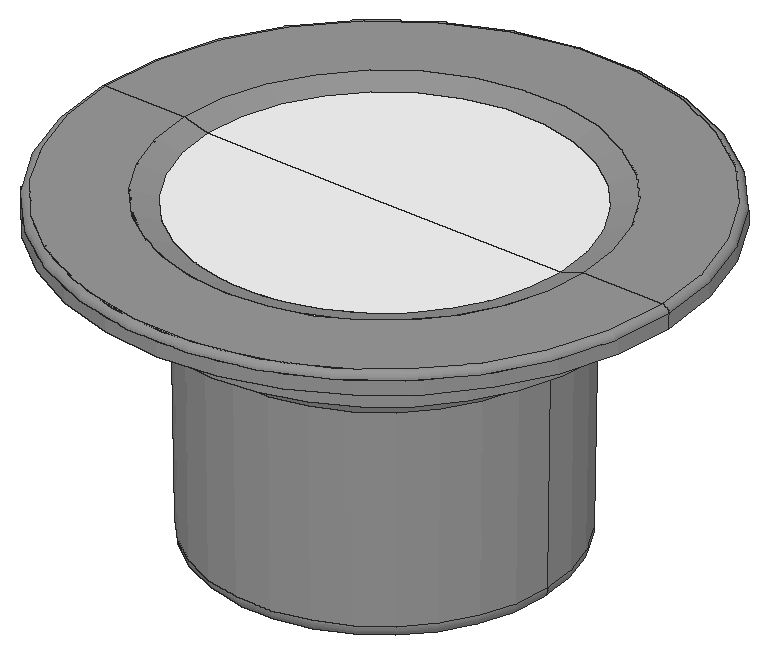
Revit family "0005374", category Lighting Fixtures, host Face, Revit 2016
Family settings
  Host = Face
  Part Type = Normal
  Round Connector Dimension = Use Diameter
  OmniClass Number = 23.80.70.00
  OmniClass Title = Lighting
  Cut with Voids When Loaded = No
  Light Source = Yes
  Shared = No
  Room Calculation Point = No
Parameters (values of type "0005374 START eco Spot 600lm 840 IP65 WHT")
  Weight = "kg"
  Wattage Comments = ""
  Wattage = 6.5 W
  WarrantyStartDate [instance] = "n/a"
  WarrantyGuarantorParts = "n/a"
  WarrantyDurationUnit = "n/a"
  WarrantyDurationParts = "n/a"
  WarrantyDescription = "n/a"
  built-in parameter 1150110 = 1 (stored number, unit not read)
  Voltage = 230 V
  URL = "http://www.sylvania-lighting.com"
  TypeName = "Start eco Spot 600lm 840 IP65 WHT"
  Type Image = <None>
  Type Comments = "n/a"
  built-in parameter 1114217 = 1 (stored number, unit not read)
  Tilt Angle = -90.00°
  built-in parameter 1150109 = 1 (stored number, unit not read)
  built-in parameter 1150134 = 12
  built-in parameter 1150113 = 1 (stored number, unit not read)
  SerialNumber [instance] = "n/a"
  Photometric Web File = "0005374.ies"
  Material_3_SYL = none
  PowerFactor = 0
  PowerConsumption = "6.5 W"
  NominalLength = 87 mm
  NominalHeight = 47 mm
  NominalDepth = 87 mm
  Name = "Start eco Spot 600lm 840 IP65 WHT"
  ModelReference = Name  # "Start eco Spot 600lm 840 IP65 WHT"
  ModelNumber = "0005374"
  Model = Name  # "Start eco Spot 600lm 840 IP65 WHT"
  Material = "n/a"
  ManufacturerName = "Feilo Sylvania"
  Manufacturer = "Feilo Sylvania"
  LuminousEfficacy = "92.30 lm/W"
  built-in parameter 1150105 = 227.99 (stored number, unit not read)
  Lumens = 600 lm
  LuminaireType = ""
  built-in parameter 1150115 = 1 (stored number, unit not read)
  LightOutputRatio = "n/a"
  built-in parameter 1150137 = (empty or 0)
  built-in parameter 1150139 = (empty or 0)
  LampsType = Lamp  # "LED"
  LampNominalLuminous = "n/a"
  LampMacAdamStep = "n/a"
  LampColourTemperature = "4000 K"
  LampColourRenderingIndex = "n/a"
  built-in parameter 1150112 = 1 (stored number, unit not read)
  built-in parameter 1150114 = 1 (stored number, unit not read)
  Lamp = "LED"
  Keynote = "16500"
  InstallationDate [instance] = "n/a"
  InputVoltage = "220-240 V~"
  InputNominalFrequency = "50/60/Hz"
  built-in parameter 1150132 = (empty or 0)
  built-in parameter 1150102 = (empty or 0)
  built-in parameter 1150107 = 4000 (stored number, unit not read)
  built-in parameter 1150138 = (empty or 0)
  IngressProtection = "IP20/IP65"
  ImpactProtectionIndex = "IK03"
  built-in parameter 1150106 = 2.2799 (stored number, unit not read)
  IfcExportType = "IfcLightFixtureType"
  IfcExportAs = "IfcLightFixtureType"
  Emit from Circle Diameter = 54 mm
  Emit Shape Visible in Rendering = no
  ElectricShockClassification = "Class II"
  built-in parameter 1150104 = 8.5757 (stored number, unit not read)
  DocumentationLiterature = "http://www.sylvania-lighting.com/product/en-int/products/0005374"
  DimmingControlOptions = "Non dimmable"
  Material_2_SYL = Diffuser-Sylvania
  Dimming Lamp Color Temperature Shift = <None>
  Description = ""
  Default Elevation = 1219.2 mm
  CreatedOn = "3/7/2019"
  CreatedBy = "@sylvania-lighting.com"
  Cost = 0
  Color Filter = 16777215
  built-in parameter 1114216 [instance] = (empty or 0)
  ClassificationValue = "EF_70_80"
  ClassificationName = "Uniclass2015"
  Material_1_SYL = Plastic, Opaque White
  BarCode [instance] = "n/a"
  built-in parameter 1114218 = 1 (stored number, unit not read)
  built-in parameter 1150133 = 10 (stored number, unit not read)
  AssetType = "Fixed"
  AssetIdentifier [instance] = "n/a"
  Assembly Code = "D5020200"
  Apparent Load = 6.5 VA
  Material_4_SYL = none
Reference planes
  plane 1 "Center (Front/Back)": y = 0
  plane 2: z = 0
  plane 3 "Center (Left/Right)": x = 0
  plane 4: x = -35
  plane 5: z = -100
  plane 6: z = 3
  plane 7: x = -43.5
  plane 8: z = 2
  plane 9: x = -42.5
  plane 10: x = -30.5
  plane 11: x = -27
  plane 12: x = -33
  plane 13: z = -7.5
  plane 14: z = -9.5
  plane 15: x = -25.5
  plane 16: z = -12.5
  plane 17: z = -44
  plane 18: x = -25
Forms (mm)
  Revolve 1, void
    sketch origin (0, 0, 0) x (1, 0, 0) y (0, 0, 1)
      loop
        line (0, 0) -> (-35, 0) -> (-35, -100) -> (0, -100) -> (0, 0)
      axis (0, 0) -> (0, -100)
    angle from 360 to 0
  Revolve 2, solid, material "Plastic, Opaque White" <- "Material_1_SYL"
    sketch origin (0, 0, 0) x (1, 0, 0) y (0, 0, 1)
      loop
        line (0, 2) -> (-27, 2) -> (-30.5, 3) -> (-42.5, 3)
        arc (-42.5, 3) -> (-43.207, 2.707) -> (-43.5, 2) r 1
        line (-43.5, 2) -> (-43.5, 0) -> (-33, 0) -> (-33, -7.5) -> (-27, -7.5) -> (-27, -9.5) -> (-25.5, -12.5) -> (-25.031, -42.032)
        arc (-25.031, -42.032) -> (-24.434, -43.425) -> (-23.031, -44) r 2
        line (-23.031, -44) -> (0, -44) -> (0, 2)
      axis (0, 3) -> (0, -44)
    angle from 360 to 0
Lines and regions (mm)
  reference lines
    curve 1: line (-25, 0, -44) -> (-25.5, 0, -12.5)
Dimensions and locks
  locked: plane 3 "Center (Left/Right)" to plane 4 at 35
  locked: plane 2 to plane 5 at 100
  locked: plane 6 to plane 2 at 3
  locked: plane 3 "Center (Left/Right)" to plane 7 at 43.5
  locked: plane 6 to plane 8 at 1
  locked: plane 9 to plane 7 at 1
  locked: plane 3 "Center (Left/Right)" to plane 10 at 30.5
  locked: plane 3 "Center (Left/Right)" to plane 11 at 27
  locked: plane 3 "Center (Left/Right)" to plane 12 at 33
  locked: plane 2 to plane 13 at 7.5
  locked: plane 13 to plane 14 at 2
  locked: plane 3 "Center (Left/Right)" to plane 15 at 25.5
  locked: plane 14 to plane 16 at 3
  locked: plane 6 to plane 17 at 47
  locked: plane 3 "Center (Left/Right)" to plane 18 at 25
  aligned and locked: plane 2 to host face
  aligned and locked: level to host face
  aligned and locked: Revolve 1 sketch curve to plane 3 "Center (Left/Right)"
  aligned and locked: level to Revolve 1 sketch curve
  aligned and locked: plane 3 "Center (Left/Right)" to Revolve 1 sketch curve
  aligned and locked: Revolve 1 sketch curve to plane 4
  aligned and locked: plane 5 to Revolve 1 sketch curve
  aligned and locked: plane 3 "Center (Left/Right)" to Revolve 2 sketch curve  (x2)
  aligned and locked: Revolve 2 sketch curve to plane 8
  aligned and locked: plane 6 to Revolve 2 sketch curve
  aligned and locked: Revolve 2 sketch curve to plane 6
  aligned and locked: level to Revolve 2 sketch curve
  aligned and locked: Revolve 2 sketch curve to plane 7
  aligned and locked: plane 12 to Revolve 2 sketch curve
  aligned and locked: Revolve 2 sketch curve to level
  aligned and locked: Revolve 2 sketch curve to plane 12
  aligned and locked: plane 13 to Revolve 2 sketch curve
  aligned and locked: plane 9 to Revolve 2 sketch curve
  aligned and locked: plane 8 to Revolve 2 sketch curve
  aligned and locked: plane 14 to Revolve 2 sketch curve
  aligned and locked: Revolve 2 sketch curve to plane 11
  aligned and locked: plane 15 to Revolve 2 sketch curve
  aligned and locked: plane 17 to Revolve 2 sketch curve
  aligned and locked: plane 18 to curve 1
  aligned and locked: plane 17 to curve 1
  aligned and locked: plane 16 to curve 1
  aligned and locked: plane 15 to curve 1
  aligned and locked: Revolve 2 sketch curve to curve 1
  aligned and locked: plane 3 "Center (Left/Right)" to imposter light
  aligned and locked: imposter light to plane 8
  aligned and locked: imposter light to plane 1 "Center (Front/Back)"
Connectors
  electrical at (0, 0, 0), driven by "Apparent Load", driven by "PowerFactor", driven by "Voltage"
    settings: index 1, voltage 230 V, apparent load 6.5 VA, apparent load phase1 0 VA, apparent load phase2 0 VA, apparent load phase3 0 VA, power factor 0, load classification "Lighting", number of poles 1, system type 30, power factor state 1, is connector primary yes, connector utility no, sub classification motor no, connector description ""
